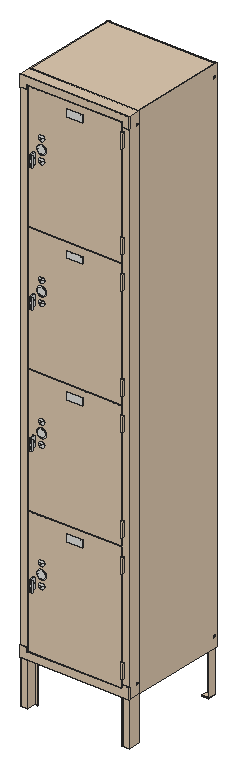
Revit family "Metal_Vented_Lockers-Salsbury_Industries-84000_Series-1_Wide_Units", category Specialty Equipment, Revit 2016 (continued)
Definition of nested family "Metal Locker Zee Base-Left Side"
  Types (4): name | Visible | Depth | Type Comments | Model | Description
    77572 Left - 12" D | yes | 10.362" | "Zee Base Kit for Standard Metal Lockers - No Legs" | "77572" | "4\" H x 6' L - for 12\" Deep Lockers (Includes 6 Foot Front Base, 2 End Bases, Corner Splicer and 4 Rear Legs)"
    77575 Left - 15" D | yes | 13.362" | "Zee Base Kit for Standard Metal Lockers - No Legs" | "77575" | "4\" H x 6' L - for 12\" Deep Lockers (Includes 6 Foot Front Base, 2 End Bases, Corner Splicer and 4 Rear Legs)"
    77578 Left- 18" D | yes | 16.362" | "Zee Base Kit for Standard Metal Lockers - No Legs" | "77578" | "4\" H x 6' L - for 12\" Deep Lockers (Includes 6 Foot Front Base, 2 End Bases, Corner Splicer and 4 Rear Legs)"
    None | no | 10.362" | "End Base for Standard Metal Lockers" | "" | ""
  Reference planes (in)
    plane 1 "Center (Front/Back)": y = 0
    plane 2: z = 0
    plane 3 "Center (Left/Right)": x = 3.99
    plane 4 "Floor": z = 0
    plane 5 "Top of Enclosure": z = 4
    plane 6 "Right Side of Unit": x = 5.99
    plane 7 "Left Edge of Enclosure": y = -5.181
    plane 8 "Right Edge of Enclosure": y = 5.181
    plane 9 "Bottom Edge of Enclosure": z = 0.06
    plane 10 "Left Edge of Base": x = 1.99
    plane 11 "Right Edge of Inser": x = 3.21
  Forms (in)
    Extrusion 1, solid, material <- "Primary Structure Material", visible <- "Visible"
      sketch origin (7.98, 0, 0) x (0, -1, 0) y (1, 0, 0)
        loop
          line (-5.181, -1.99) -> (-5.181, -5.99) -> (5.181, -5.99) -> (5.181, -1.99) -> (5.121, -1.99) -> (5.121, -5.93) -> (-5.121, -5.93) -> (-5.121, -1.99) -> (-5.181, -1.99)
      from 0.06 to 4
    Extrusion 2, solid, material <- "Primary Structure Material", visible <- "Visible"
      sketch origin (1.99, 0, 0) x (0, 0, -1) y (0, 1, 0)
        loop
          line (-4, -3.93967) -> (-3.94, -3.93967) -> (-3.94, 3.931) -> (-4, 3.931) -> (-4, -3.93967)
      from 0.06 to 1.22
  Dimensions and locks (in)
    "Height": plane 5 "Top of Enclosure" to plane 4 "Floor"
    equal spacing: plane 7 "Left Edge of Enclosure", plane 1 "Center (Front/Back)", plane 8 "Right Edge of Enclosure"
    "Depth": plane 7 "Left Edge of Enclosure" to plane 8 "Right Edge of Enclosure"
    "Width": plane 10 "Left Edge of Base" to plane 6 "Right Side of Unit"
    equal spacing: plane 10 "Left Edge of Base", plane 3 "Center (Left/Right)", plane 6 "Right Side of Unit"
    locked: plane 4 "Floor" to plane 9 "Bottom Edge of Enclosure" at 0.06
    aligned and locked: level to plane 2
    aligned and locked: plane 10 "Left Edge of Base" to Extrusion 1
  Automatic sketch dimensions
    plane 8 "Right Edge of Enclosure" to Extrusion 1 sketch curve = 0.000"
    Extrusion 1 sketch curve to plane 6 "Right Side of Unit" = 0.000"  (x2)
    plane 7 "Left Edge of Enclosure" to Extrusion 1 sketch curve = 0.000"
    Extrusion 1 sketch curve to plane 10 "Left Edge of Base" = 0.000"
    Extrusion 1 sketch curve to Extrusion 1 sketch curve = 0.060"
    plane 7 "Left Edge of Enclosure" to Extrusion 1 sketch curve = 0.060"
    plane 10 "Left Edge of Base" to Extrusion 1 sketch curve = 0.060"
    plane 5 "Top of Enclosure" to Extrusion 2 sketch curve = 0.000"
    Extrusion 2 sketch curve to Extrusion 2 sketch curve = 0.060"
    Extrusion 2 sketch curve to plane 7 "Left Edge of Enclosure" = 1.24133"
    plane 8 "Right Edge of Enclosure" to Extrusion 2 sketch curve = 1.250"
Definition of nested family "Metal Locker Zee Base Corner"
  Parameters (values of type "77572, 77575, 77578")
    Width = 2.000"
    Visible = yes
    Version = "1.0 (11/30/15)"
    Type Comments = "Zee Base Kit for Standard Metal Lockers - No Legs"
    Primary Structure Material = none
    Model = "n/a"
    Manufacturer = "Salsbury Industries"
    Height = 3.940"
    Description = "4\" H x 6' L - for 12\" Deep Lockers (Includes 6 Foot Front Base, 2 End Bases, Corner Splicer and 4 Rear Legs)"
    Depth = 2.000"
  Types (2): name | Visible
    77572, 77575, 77578 | yes
    None | no
  Reference planes (in)
    plane 1 "Center (Front/Back)": y = 0
    plane 2 "Bottom of Component": z = 0
    plane 3 "Center (Left/Right)": x = 0
    plane 4: z = 3.94
    plane 5: x = -1
    plane 6: x = 1
    plane 7 "Front": y = -1
    plane 8 "Back": y = 1
  Forms (in)
    Extrusion 1, solid, material <- "Primary Structure Material", visible <- "Visible"
      sketch origin (0, 0, 0) x (1, 0, 0) y (0, 1, 0)
        loop
          line (-1, 1) -> (-1, 0.94) -> (0.94, 0.94) -> (0.94, -1) -> (1, -1) -> (1, 1) -> (-1, 1)
      from 0 to 3.94
  Dimensions and locks (in)
    "Height": plane 4 to plane 2 "Bottom of Component"
    equal spacing: plane 5, plane 3 "Center (Left/Right)", plane 6
    "Width": plane 5 to plane 6
    equal spacing: plane 7 "Front", plane 1 "Center (Front/Back)", plane 8 "Back"
    "Depth": plane 7 "Front" to plane 8 "Back"
    aligned and locked: plane 2 "Bottom of Component" to level
  Automatic sketch dimensions
    Extrusion 1 sketch curve to plane 5 = 0.000"
    plane 7 "Front" to Extrusion 1 sketch curve = 0.000"
    Extrusion 1 sketch curve to plane 6 = 0.000"
    plane 8 "Back" to Extrusion 1 sketch curve = 0.000"
    plane 6 to Extrusion 1 sketch curve = 0.060"
    Extrusion 1 sketch curve to Extrusion 1 sketch curve = 0.060"
Definition of nested family "Metal Locker End Panel"
  Parameters (values of type "77362 - for 6' H x 12" D Lockers")
    Width = 0.925"
    Visible = yes
    Version = "1.0 (11/30/15)"
    Type Comments = "Finished End Panel for Standard Metal Lockers"
    Primary Structure Material = none
    Model = "77362"
    MasterFormat Title = ""
    MasterFormat Number = ""
    Manufacturer = "Salsbury Industries"
    Height = 72.000"
    Description = "End Panel for 6' H x 12\" Deep Lockers"
    Depth = 12.010"
    Assembly Code = ""
  Types (7): name | Visible | Model | Height | Description | Depth
    77362 - for 6' H x 12" D Lockers | yes | "77362" | 72.000" | "End Panel for 6' H x 12\" Deep Lockers" | 12.010"
    77365 - for 6' H x 15" D Lockers | yes | "77365" | 72.000" | "End Panel for 6' H x 15\" Deep Lockers" | 15.010"
    77368 - for 6' H X 18" D Lockers | yes | "77368" | 72.000" | "End Panel for 6' H x 18\" Deep Lockers" | 18.010"
    77352 - for 5' H x 12" D Lockers | yes | "77352" | 60.000" | "End Panel for 5' H x 12\" Deep Lockers" | 12.010"
    77355 - for 5' H x 15" D Lockers | yes | "77355" | 60.000" | "End Panel for 5' H x 15\" Deep Lockers" | 15.010"
    77358 - for 5' H x 18" D Lockers | yes | "77358" | 60.000" | "End Panel for 5' H x 18\" Deep Lockers" | 18.010"
    None | no | "n/a" | 72.000" | "" | 12.010"
  Reference planes (in)
    plane 1 "Center (Front/Back)": y = -2.167
    plane 2: z = 0
    plane 3 "Center (Left/Right)": x = -4.595
    plane 4 "Bottom of Panel": z = 0
    plane 5 "Top of Panel": z = 72
    plane 6 "Front of Panel": y = -8.172
    plane 7 "Right Side of Enclosure": x = -4.1325
    plane 8 "Left Side of Enclosure": x = -5.0575
    plane 9 "Back of Panel": y = 3.838
    plane 10: z = 36
    plane 11: z = 70.283
    plane 12: z = 1.717
    plane 13 "Outside Edge of Front Flap": y = -8.23214
    plane 14 "Outside Edge of Back Flap": y = 3.898
  Forms (in)
    Extrusion 1, solid, material <- "Primary Structure Material", visible <- "Visible"
      sketch origin (-4.1325, 0.48244, 0) x (0, 0, -1) y (0, -1, 0)
        loop
          line (-72, 8.71458) -> (-72, -3.41556) -> (0, -3.41556) -> (0, 8.71458) -> (-72, 8.71458)
      from 0 to -0.06
    Extrusion 2, solid, material <- "Primary Structure Material", visible <- "Visible"
      sketch origin (0, 3.838, 0) x (0, 0, -1) y (1, 0, 0)
        loop
          line (-72, -5.0575) -> (0, -5.0575) -> (0, -4.1325) -> (-72, -4.1325) -> (-72, -5.0575)
      from 0 to -0.06
    Extrusion 3, solid, material <- "Primary Structure Material", visible <- "Visible"
      sketch origin (0, -8.172, 0) x (1, 0, 0) y (0, 0, 1)
        loop
          line (-5.0575, 70.283) -> (-5.0575, 1.717) -> (-4.1325, 1.717) -> (-4.1325, 70.283) -> (-5.0575, 70.283)
      from 0.06014 to 0
  Dimensions and locks (in)
    equal spacing: plane 6 "Front of Panel", plane 1 "Center (Front/Back)", plane 9 "Back of Panel"
    "Depth": plane 6 "Front of Panel" to plane 9 "Back of Panel"
    equal spacing: plane 8 "Left Side of Enclosure", plane 3 "Center (Left/Right)", plane 7 "Right Side of Enclosure"
    "Width": plane 8 "Left Side of Enclosure" to plane 7 "Right Side of Enclosure"
    equal spacing: plane 5 "Top of Panel", plane 10, plane 2
    "Height": plane 5 "Top of Panel" to plane 2
    locked: plane 5 "Top of Panel" to plane 11 at 1.717
    locked: plane 13 "Outside Edge of Front Flap" to plane 6 "Front of Panel" at 0.06014
    locked: plane 9 "Back of Panel" to plane 14 "Outside Edge of Back Flap" at 0.06
    aligned and locked: level to plane 2
    aligned and locked: plane 5 "Top of Panel" to Extrusion 1 sketch curve
    aligned and locked: plane 5 "Top of Panel" to Extrusion 2 sketch curve
    aligned and locked: Extrusion 2 to plane 9 "Back of Panel"
    aligned and locked: plane 11 to Extrusion 3 sketch curve
    aligned and locked: plane 6 "Front of Panel" to Extrusion 3
    aligned and locked: plane 14 "Outside Edge of Back Flap" to Extrusion 2
    aligned and locked: Extrusion 1 to plane 14 "Outside Edge of Back Flap"
    aligned and locked: plane 13 "Outside Edge of Front Flap" to Extrusion 3
    aligned and locked: Extrusion 2 to plane 7 "Right Side of Enclosure"
    aligned and locked: Extrusion 3 to plane 7 "Right Side of Enclosure"
  Automatic sketch dimensions
    Extrusion 1 sketch curve to level = 0.000"
    Extrusion 2 sketch curve to level = 0.000"
    plane 8 "Left Side of Enclosure" to Extrusion 2 sketch curve = 0.000"
    plane 7 "Right Side of Enclosure" to Extrusion 2 sketch curve = 0.000"
    plane 8 "Left Side of Enclosure" to Extrusion 3 sketch curve = 0.000"
    Extrusion 3 sketch curve to plane 12 = 0.000"
    plane 7 "Right Side of Enclosure" to Extrusion 3 sketch curve = 0.000"
    Extrusion 1 sketch curve to plane 14 "Outside Edge of Back Flap" = 0.000"
    plane 6 "Front of Panel" to Extrusion 1 sketch curve = 0.06014"
Definition of nested family "Metal Locker Front Filler"
  Parameters (values of type "77869 - for 6' H Lockers (Zee Base or No Legs)")
    Width = 9.000"
    Visible = yes
    Version = "1.0 (11/30/15)"
    Type Comments = "Vertical Front Filler for Standard Metal Lockers"
    Primary Structure Material = none
    Model = "77865"
    MasterFormat Title = ""
    MasterFormat Number = ""
    Manufacturer = "Salsbury Industries"
    Height = 72.000"
    Description = "9\" W Vertical Front Filler for 6' H Lockers"
    Depth = 1.500"
    Assembly Code = ""
  Types (9): name | Width | Visible | Model | Height | Description | Depth
    77865 - for 6' H Lockers with Legs | 15.000" | yes | "77865" | 78.000" | "15\" W Vertical Front Filler for 6' H Lockers" | 1.000"
    77869 - for 6' H Lockers with Legs | 9.000" | yes | "77865" | 78.000" | "9\" W Vertical Front Filler for 6' H Lockers" | 1.000"
    77855 - for 5' H Lockers with Legs | 15.000" | yes | "77855" | 66.000" | "15\" W Vertical Front Filler for 5' H Lockers" | 1.000"
    77859 - for 5' H Lockers with Legs | 9.000" | yes | "77859" | 66.000" | "9\" W Vertical Front Filler for 5' H Lockers" | 1.000"
    None | 15.000" | no | "n/a" | 78.000" | "" | 1.500"
    77865 - for 6' H Lockers (Zee Base or No Legs) | 15.000" | yes | "77865" | 72.000" | "15\" W Vertical Front Filler for 6' H Lockers" | 1.000"
    77869 - for 6' H Lockers (Zee Base or No Legs) | 9.000" | yes | "77865" | 72.000" | "9\" W Vertical Front Filler for 6' H Lockers" | 1.500"
    77859 - for 5' H Lockers (Zee Base or No Legs) | 9.000" | yes | "77859" | 60.000" | "9\" W Vertical Front Filler for 5' H Lockers" | 1.000"
    77855 - for 5' H Lockers (Zee Base or No Legs) | 15.000" | yes | "77855" | 60.000" | "15\" W Vertical Front Filler for 5' H Lockers" | 1.000"
  Reference planes (in)
    plane 1 "Center (Front/Back)": y = -2.167
    plane 2: z = 0
    plane 3 "Center (Left/Right)": x = -4.595
    plane 4 "Bottom of Filler": z = 0
    plane 5 "Top of Panel": z = 72
    plane 6 "Front of Filler": y = -2.917
    plane 7 "Right Side of Filler": x = -0.095
    plane 8 "Left Side of Filler": x = -9.095
    plane 9 "Back of Filler": y = -1.417
    plane 10: z = 36
  Forms (in)
    Extrusion 1, solid, material <- "Primary Structure Material", visible <- "Visible"
      sketch origin (0, 0, 0) x (0, -1, 0) y (1, 0, 0)
        loop
          line (1.417, -9.095) -> (2.917, -9.095) -> (2.917, -1.095) -> (2.869, -1.095) -> (2.869, -9.047) -> (1.417, -9.047) -> (1.417, -9.095)
      from 0 to 72
    Extrusion 2, solid, material <- "Primary Structure Material", visible <- "Visible"
      sketch origin (0, -0.20425, 0) x (0, -1, 0) y (1, 0, 0)
        loop
          line (1.30875, -0.095) -> (1.30875, -0.143) -> (2.76075, -0.143) -> (2.76075, -1.595) -> (2.80875, -1.595) -> (2.80875, -0.095) -> (1.30875, -0.095)
      from 0 to 72
    Extrusion 3, solid, material <- "Primary Structure Material", visible <- "Visible"
      sketch origin (0, 0.10825, 0) x (0, -1, 0) y (1, 0, 0)
        loop
          line (3.07325, -1.595) -> (3.07325, -0.82524) -> (3.02525, -0.82524) -> (3.02525, -1.376) -> (3.02525, -1.449) -> (3.02525, -1.522) -> (3.02525, -1.595) -> (3.07325, -1.595)
      from 0 to 72
    Extrusion 4, solid, material <- "Primary Structure Material", visible <- "Visible"
      sketch origin (0, 0, 0) x (0, -1, 0) y (1, 0, 0)
        loop
          line (2.917, -0.82524) -> (2.821, -0.82524) -> (2.821, -1.80024) -> (2.869, -1.80024) -> (2.869, -0.87324) -> (2.917, -0.87324) -> (2.917, -0.82524)
      from 0 to 72
  Dimensions and locks (in)
    equal spacing: plane 6 "Front of Filler", plane 1 "Center (Front/Back)", plane 9 "Back of Filler"
    "Depth": plane 6 "Front of Filler" to plane 9 "Back of Filler"
    equal spacing: plane 8 "Left Side of Filler", plane 3 "Center (Left/Right)", plane 7 "Right Side of Filler"
    "Width": plane 8 "Left Side of Filler" to plane 7 "Right Side of Filler"
    equal spacing: plane 5 "Top of Panel", plane 10, plane 2
    "Height": plane 5 "Top of Panel" to plane 2
    aligned and locked: level to plane 2
    aligned and locked: Extrusion 1 to plane 5 "Top of Panel"
    aligned and locked: Extrusion 2 to plane 5 "Top of Panel"
    aligned and locked: Extrusion 3 to plane 5 "Top of Panel"
    aligned and locked: Extrusion 4 to plane 5 "Top of Panel"
  Automatic sketch dimensions
    plane 9 "Back of Filler" to Extrusion 1 sketch curve = 0.000"
    plane 6 "Front of Filler" to Extrusion 1 sketch curve = 0.000"
    Extrusion 1 sketch curve to plane 8 "Left Side of Filler" = 0.000"
    Extrusion 1 sketch curve to plane 6 "Front of Filler" = 0.048"
    Extrusion 1 sketch curve to Extrusion 1 sketch curve = 0.048"
    plane 7 "Right Side of Filler" to Extrusion 1 sketch curve = 1.000"
    Extrusion 2 sketch curve to plane 7 "Right Side of Filler" = 0.000"
    plane 7 "Right Side of Filler" to Extrusion 2 sketch curve = 0.048"
    plane 9 "Back of Filler" to Extrusion 2 sketch curve = 0.096"
    plane 6 "Front of Filler" to Extrusion 2 sketch curve = 0.048"
    Extrusion 2 sketch curve to Extrusion 2 sketch curve = 0.048"
    Extrusion 2 sketch curve to Extrusion 2 sketch curve = 1.452"
    plane 6 "Front of Filler" to Extrusion 3 sketch curve = 0.000"
    plane 7 "Right Side of Filler" to Extrusion 3 sketch curve = 1.500"
    Extrusion 3 sketch curve to Extrusion 3 sketch curve = 0.073"  (x3)
    Extrusion 3 sketch curve to Extrusion 3 sketch curve = 0.55076"
    Extrusion 3 sketch curve to Extrusion 3 sketch curve = 0.048"
    plane 6 "Front of Filler" to Extrusion 4 sketch curve = 0.000"
    Extrusion 4 sketch curve to plane 6 "Front of Filler" = 0.048"
    Extrusion 4 sketch curve to Extrusion 4 sketch curve = 0.048"  (x2)
    plane 7 "Right Side of Filler" to Extrusion 4 sketch curve = 1.70524"
    plane 7 "Right Side of Filler" to Extrusion 4 sketch curve = 0.77824"
Definition of nested family "Metal Locker Flat Top Filler"
  Parameters (values of type "77842 - for 12" Deep Lockers (15" W)")
    Width = 16.250"
    Visible = yes
    Version = "1.0 (11/30/15)"
    Type Comments = "Flat Top Filler for Standard Metal Lockers"
    Primary Structure Material = none
    Model = "77842"
    MasterFormat Title = ""
    MasterFormat Number = ""
    Manufacturer = "Salsbury Industries"
    Height = 1.003"
    Description = "15\"W Flat Top In-Line Filler"
    Depth = 12.118"
    Assembly Code = ""
  Types (7): name | Width | Visible | Model | Depth
    77842 - for 12" Deep Lockers (15" W) | 16.250" | yes | "77842" | 12.118"
    77842 - for 12" Deep Lockers (9" W) | 10.250" | yes | "77842" | 12.118"
    77845 - for 15" Deep Lockers (15" W) | 16.250" | yes | "77845" | 15.118"
    77845 - for 15" Deep Lockers (9" W) | 10.250" | yes | "77845" | 15.118"
    77848 - for 18" Deep Lockers (15" W) | 16.250" | yes | "77848" | 18.118"
    77848 - for 18" Deep Lockers (9" W) | 10.250" | yes | "77848" | 18.118"
    None | 16.250" | no | "" | 12.118"
  Reference planes (in)
    plane 1 "Center (Front/Back)": y = -2.167
    plane 2: z = 0
    plane 3 "Center (Left/Right)": x = -4.595
    plane 4 "Bottom of Panel": z = 0
    plane 5 "Top of Panel": z = 1.003
    plane 6 "Front of Panel": y = -8.226
    plane 7 "Right Side of Enclosure": x = 3.53
    plane 8 "Left Side of Enclosure": x = -12.72
    plane 9 "Back of Panel": y = 3.892
    plane 10: z = 0.5015
  Forms (in)
    Extrusion 1, solid, material <- "Primary Structure Material", visible <- "Visible"
      sketch origin (-4.595, 0, 0) x (0, 1, 0) y (0, 0, 1)
        loop
          line (-8.226, 0) -> (-8.178, 0) -> (-8.178, 0.955) -> (3.892, 0.955) -> (3.892, 1.003) -> (-8.226, 1.003) -> (-8.226, 0)
      from -8.125 to 8.125
  Dimensions and locks (in)
    equal spacing: plane 6 "Front of Panel", plane 1 "Center (Front/Back)", plane 9 "Back of Panel"
    "Depth": plane 6 "Front of Panel" to plane 9 "Back of Panel"
    equal spacing: plane 8 "Left Side of Enclosure", plane 3 "Center (Left/Right)", plane 7 "Right Side of Enclosure"
    "Width": plane 8 "Left Side of Enclosure" to plane 7 "Right Side of Enclosure"
    equal spacing: plane 5 "Top of Panel", plane 10, plane 2
    "Height": plane 5 "Top of Panel" to plane 2
    aligned and locked: level to plane 2
    aligned and locked: Extrusion 1 to plane 7 "Right Side of Enclosure"
    aligned and locked: plane 8 "Left Side of Enclosure" to Extrusion 1
    aligned and locked: plane 6 "Front of Panel" to Extrusion 1
    aligned and locked: Extrusion 1 to plane 9 "Back of Panel"
  Automatic sketch dimensions
    plane 5 "Top of Panel" to Extrusion 1 sketch curve = 0.000"
    Extrusion 1 sketch curve to plane 6 "Front of Panel" = 0.000"
    Extrusion 1 sketch curve to level = 0.000"
    Extrusion 1 sketch curve to plane 9 "Back of Panel" = 0.000"
    Extrusion 1 sketch curve to plane 6 "Front of Panel" = 0.048"
    plane 5 "Top of Panel" to Extrusion 1 sketch curve = 0.048"
Definition of nested family "Metal Locker Flat Corner Filler"
  Parameters (values of type "77832 - for 12" Deep Lockers")
    Width = 12.625"
    Visible = yes
    Version = "1.0 (11/30/15)"
    Type Comments = "Flat Top Corner Filler for Standard Metal Lockers"
    Primary Structure Material = none
    Model = "77832"
    MasterFormat Title = ""
    MasterFormat Number = ""
    Manufacturer = "Salsbury Industries"
    Height = 0.048"
    Description = "12\"W Flat Top Corner Filler"
    Depth = 12.625"
    Assembly Code = ""
  Types (4): name | Width | Visible | Model | Description | Depth
    77832 - for 12" Deep Lockers | 12.625" | yes | "77832" | "12\"W Flat Top Corner Filler" | 12.625"
    77835 - for 15" Deep Lockers | 15.625" | yes | "77835" | "15\"W Flat Top Corner Filler" | 15.625"
    77838 - for 18" Deep Lockers | 18.625" | yes | "77838" | "18\"W Flat Top Corner Filler" | 18.625"
    None | 12.625" | no | "" | "" | 12.625"
  Reference planes (in)
    plane 1 "Center (Front/Back)": y = -2.167
    plane 2: z = 0
    plane 3 "Center (Left/Right)": x = -4.595
    plane 4 "Bottom of Panel": z = 0
    plane 5 "Top of Panel": z = 0.048
    plane 6 "Front of Panel": y = -8.4795
    plane 7 "Right Side of Enclosure": x = 1.7175
    plane 8 "Left Side of Enclosure": x = -10.9075
    plane 9 "Back of Panel": y = 4.1455
    plane 10: z = 0.024
  Forms (in)
    Extrusion 1, solid, material <- "Primary Structure Material", visible <- "Visible"
      sketch origin (0, 0, 0) x (0, -1, 0) y (1, 0, 0)
        loop
          line (7.8545, -10.9075) -> (7.8545, -10.2825) -> (8.4795, -10.2825) -> (8.4795, 1.7175) -> (-4.1455, 1.7175) -> (-4.1455, -10.9075) -> (7.8545, -10.9075)
      from 0 to 0.048
  Dimensions and locks (in)
    equal spacing: plane 6 "Front of Panel", plane 1 "Center (Front/Back)", plane 9 "Back of Panel"
    "Depth": plane 6 "Front of Panel" to plane 9 "Back of Panel"
    equal spacing: plane 8 "Left Side of Enclosure", plane 3 "Center (Left/Right)", plane 7 "Right Side of Enclosure"
    "Width": plane 8 "Left Side of Enclosure" to plane 7 "Right Side of Enclosure"
    equal spacing: plane 5 "Top of Panel", plane 10, plane 2
    "Height": plane 5 "Top of Panel" to plane 2
    aligned and locked: level to plane 2
    aligned and locked: Extrusion 1 to plane 9 "Back of Panel"
    aligned and locked: plane 6 "Front of Panel" to Extrusion 1
    aligned and locked: Extrusion 1 to plane 7 "Right Side of Enclosure"
    aligned and locked: plane 8 "Left Side of Enclosure" to Extrusion 1
  Automatic sketch dimensions
    Extrusion 1 sketch curve to plane 8 "Left Side of Enclosure" = 0.000"
    plane 9 "Back of Panel" to Extrusion 1 sketch curve = 0.000"
    plane 6 "Front of Panel" to Extrusion 1 sketch curve = 0.000"
    Extrusion 1 sketch curve to plane 7 "Right Side of Enclosure" = 0.000"
    Extrusion 1 sketch curve to plane 8 "Left Side of Enclosure" = 0.625"
    Extrusion 1 sketch curve to plane 6 "Front of Panel" = 0.625"
Definition of nested family "Metal Locker Sloping Hood"
  Parameters (values of type "77765 - for 15" Deep Lockers (1 Wide)")
    Width = 15.040"
    Visible = yes
    Version = "1.0 (11/30/15)"
    Type Comments = "Sloping Hood for Standard Metal Lockers"
    Slope Angle = 29.946°
    Primary Structure Material = none
    Model = "77752"
    MasterFormat Title = ""
    MasterFormat Number = ""
    Manufacturer = "Salsbury Industries"
    Height = 6.625"
    Dividing Lines = no
    Description = "12\" Deep for up to (3) 12\" Wide Lockers"
    Depth = 15.070"
    Assembly Code = ""
  Types (12): name | Width | Visible | Slope Angle | Model | Height | Dividing Lines | Description | Depth
    77752 - for 12" Deep Lockers (1 Wide) | 12.040" | yes | 28.761° | "77752" | 6.625" | no | "12\" Deep for up to (3) 12\" Wide Lockers" | 12.070"
    77752 - for 12" Deep Lockers (3 Wide) | 36.040" | yes | 28.761° | "77752" | 6.625" | yes | "12\" Deep for up to (3) 12\" Wide Lockers" | 12.070"
    77755 - for 15" Deep Lockers (1 Wide) | 12.040" | yes | 29.946° | "77755" | 8.682" | no | "15\" Deep for up to (3) 12\" Wide Lockers" | 15.070"
    77755 - for 15" Deep Lockers (3 Wide) | 36.040" | yes | 29.946° | "77755" | 8.628" | yes | "15\" Deep for up to (3) 12\" Wide Lockers" | 15.070"
    77758 - for 18" Deep Lockers (1 Wide) | 12.040" | yes | 30.723° | "77758" | 10.739" | no | "18\" Deep for up to (3) 12\" Wide Lockers" | 18.070"
    77758 - for 18" Deep Lockers (3 Wide) | 36.040" | yes | 30.723° | "77758" | 10.739" | yes | "18\" Deep for up to (3) 12\" Wide Lockers" | 18.070"
    None | 12.000" | no | 28.761° | "" | 6.625" | no | "" | 12.070"
    77765 - for 15" Deep Lockers (1 Wide) | 15.040" | yes | 29.946° | "77752" | 6.625" | no | "12\" Deep for up to (3) 12\" Wide Lockers" | 15.070"
    77768 - for 18" Deep Lockers (1 Wide) | 15.040" | yes | 30.723° | "77752" | 6.625" | no | "12\" Deep for up to (3) 12\" Wide Lockers" | 18.070"
    77765 - for 15" Deep Lockers (3 Wide) | 45.040" | yes | 29.946° | "77752" | 6.625" | yes | "12\" Deep for up to (3) 12\" Wide Lockers" | 15.070"
    77768 - for 18" Deep Lockers (3 Wide) | 45.040" | yes | 30.723° | "77752" | 6.625" | yes | "12\" Deep for up to (3) 12\" Wide Lockers" | 18.070"
    77759 - for 18" Deep Bridge Lockers | 72.040" | yes | 30.723° | "77752" | 6.625" | no | "12\" Deep for up to (3) 12\" Wide Lockers" | 18.070"
  Reference planes (in)
    plane 1 "Center (Front/Back)": y = -2.167
    plane 2: z = 0
    plane 3 "Center (Left/Right)": x = -4.595
    plane 4 "Bottom of Panel": z = 0
    plane 5 "Top of Panel": z = 6.625
    plane 6 "Front of Panel": y = -9.702
    plane 7 "Right Side of Enclosure": x = 2.925
    plane 8 "Left Side of Enclosure": x = -12.115
    plane 9 "Back of Panel": y = 5.368
    plane 10: z = 3.3125
    plane 11: through (0, -8.18107, 0.8762) normal (0, -0.4992, 0.8665)
    plane 12: through (0, -8.30682, 0.76798) normal (0, -0.4992, 0.8665)
    plane 13: y = 5.337
    plane 14: y = 5.306
    plane 15: y = 5.275
    plane 16: y = 4.87433
    plane 17 "Divider 1": x = -7.10167
    plane 18 "Divider 2": x = -2.08833
  Forms (in)
    Extrusion 1, solid, material <- "Primary Structure Material", visible <- "Visible"
      sketch origin (2.925, 0, 0) x (0, 0, -1) y (0, -1, 0)
        loop
          line (-8.68174, -5.368) -> (0, -5.368) -> (0, 9.702) -> (-8.68174, -5.368)
      from 0 to 0.031
    Extrusion 2, solid, material <- "Primary Structure Material", visible <- "Visible"
      sketch origin (2.925, 0, 0) x (0, 0, -1) y (0, -1, 0)
        loop
          line (0, -5.368) -> (0, -5.337) -> (-8.66388, -5.337) -> (-8.68174, -5.368) -> (0, -5.368)
      from 0.03098 to 0.40598
    Extrusion 3, solid, material <- "Primary Structure Material", visible <- "Visible"
      sketch origin (2.925, 0, 0) x (0, 0, -1) y (0, -1, 0)
        loop
          line (0, -5.337) -> (0, 9.6399) -> (-0.031, 9.58609) -> (-0.031, -5.337) -> (0, -5.337)
      from 0.031 to 0.80198
    Extrusion 4, solid, material <- "Primary Structure Material", visible <- "Visible"
      sketch origin (-12.115, 0, 0) x (0, 0, -1) y (0, -1, 0)
        loop
          line (-8.68174, -5.368) -> (0, -5.368) -> (0, 9.702) -> (-8.68174, -5.368)
      from 0 to -0.031
    Extrusion 5, solid, material <- "Primary Structure Material", visible <- "Visible"
      sketch origin (-12.115, 0, 0) x (0, 0, -1) y (0, -1, 0)
        loop
          line (0, -5.368) -> (0, -5.337) -> (-8.66388, -5.337) -> (-8.68174, -5.368) -> (0, -5.368)
      from -0.031 to -0.406
    Extrusion 6, solid, material <- "Primary Structure Material", visible <- "Visible"
      sketch origin (-12.115, 0, 0) x (0, 0, -1) y (0, -1, 0)
        loop
          line (0, -5.337) -> (0, 9.6399) -> (-0.031, 9.58609) -> (-0.031, -5.337) -> (0, -5.337)
      from -0.031 to -0.802
    Extrusion 7, solid, material <- "Primary Structure Material", visible <- "Visible"
      sketch origin (-4.595, 0, 0) x (0, 1, 0) y (0, 0, 1)
        loop
          line (5.337, 8.66388) -> (-9.702, 0) -> (-9.34738, 0) -> (-9.34738, 0.031) -> (-9.58609, 0.031) -> (5.306, 8.61025) -> (5.306, 8.27289) -> (5.337, 8.27289) -> (5.337, 8.66388)
      from -7.489 to 7.489
    Extrusion 8, solid, material <- "Primary Structure Material", visible <- "Visible"
      sketch origin (-4.595, -0.031, 0) x (0, 1, 0) y (0, 0, 1)
        loop
          line (5.337, 0.031) -> (5.337, 8.61025) -> (5.306, 8.59239) -> (5.306, 0.031) -> (5.337, 0.031)
      from -7.489 to 7.489
    Extrusion 9, solid, material <- "Primary Structure Material", visible <- "Visible"
      sketch origin (0, -0.031, 0) x (0, -1, 0) y (1, 0, 0)
        loop
          line (-5.306, -11.25653) -> (-4.90533, -11.25653) -> (-4.90533, 2.06919) -> (-5.306, 2.06919) -> (-5.306, -11.25653)
      from 0.031 to 0.06464
  Lines and regions (in)
    model lines, visible <- "Dividing Lines"
      curve 1: line (-7.10167, -9.71397, -0.0069) -> (-7.10167, 5.368, 8.68174)
      curve 2: line (-2.08833, -9.71397, -0.0069) -> (-2.08833, 5.368, 8.68174)
  Dimensions and locks (in)
    equal spacing: plane 6 "Front of Panel", plane 1 "Center (Front/Back)", plane 9 "Back of Panel"
    "Depth": plane 6 "Front of Panel" to plane 9 "Back of Panel"
    equal spacing: plane 8 "Left Side of Enclosure", plane 17 "Divider 1", plane 18 "Divider 2", plane 7 "Right Side of Enclosure"
    "Width": plane 8 "Left Side of Enclosure" to plane 7 "Right Side of Enclosure"
    equal spacing: plane 5 "Top of Panel", plane 10, plane 2
    "Height": plane 5 "Top of Panel" to plane 2
    locked: plane 11 to plane 12 at 0.031
    plane 16 to plane 15 to plane 14 to plane 13 to plane 9 "Back of Panel" = 0.40067", 0.031", 0.031", 0.031"
    equal spacing: plane 8 "Left Side of Enclosure", plane 3 "Center (Left/Right)", plane 7 "Right Side of Enclosure"
    "Slope Angle": angle plane 4 "Bottom of Panel" to plane 11
    aligned and locked: level to plane 2
    aligned and locked: Extrusion 1 to plane 9 "Back of Panel"
    aligned and locked: plane 4 "Bottom of Panel" to Extrusion 1
    aligned and locked: Extrusion 7 to Extrusion 1
    aligned and locked: Extrusion 7 to Extrusion 4
    aligned and locked: Extrusion 7 to Extrusion 8  (x2)
    aligned and locked: plane 11 to Extrusion 7 sketch curve
    aligned and locked: plane 12 to Extrusion 7 sketch curve
    aligned and locked: plane 12 to Extrusion 8 sketch curve
    aligned and locked: Extrusion 4 sketch curve to plane 11
    aligned and locked: Extrusion 1 sketch curve to plane 11
    aligned and locked: Extrusion 3 sketch curve to plane 12
    aligned and locked: Extrusion 6 sketch curve to plane 12
    aligned and locked: plane 13 to Extrusion 7
    aligned and locked: plane 14 to Extrusion 8
    aligned and locked: plane 15 to Extrusion 8
    aligned and locked: plane 16 to Extrusion 9
    aligned and locked: plane 13 to Extrusion 7 sketch curve
    aligned and locked: Extrusion 7 sketch curve to plane 14
    aligned and locked: plane 13 to Extrusion 2 sketch curve
    aligned and locked: plane 11 to Extrusion 2 sketch curve
    aligned and locked: plane 13 to Extrusion 5 sketch curve
    aligned and locked: plane 11 to Extrusion 5 sketch curve
    aligned and locked: curve 2 to plane 18 "Divider 2"
    aligned and locked: curve 1 to plane 17 "Divider 1"
  Automatic sketch dimensions
    Extrusion 7 sketch curve to level = 0.000"
    level to Extrusion 7 sketch curve = 0.031"
    Extrusion 7 sketch curve to Extrusion 7 sketch curve = 0.23871"
    Extrusion 7 sketch curve to Extrusion 7 sketch curve = 0.33736"
    Extrusion 1 sketch curve to plane 9 "Back of Panel" = 0.000"
    Extrusion 1 sketch curve to level = 0.000"
    Extrusion 2 sketch curve to plane 9 "Back of Panel" = 0.000"
    Extrusion 2 sketch curve to level = 0.000"
    Extrusion 3 sketch curve to plane 13 = 0.000"
    Extrusion 3 sketch curve to level = 0.000"
    level to Extrusion 3 sketch curve = 0.031"
    Extrusion 4 sketch curve to plane 9 "Back of Panel" = 0.000"
    Extrusion 4 sketch curve to level = 0.000"
    Extrusion 5 sketch curve to plane 9 "Back of Panel" = 0.000"
    Extrusion 5 sketch curve to level = 0.000"
    Extrusion 6 sketch curve to plane 13 = 0.000"
    Extrusion 6 sketch curve to level = 0.000"
    Extrusion 6 sketch curve to Extrusion 6 sketch curve = 0.031"
    Extrusion 8 sketch curve to plane 15 = 0.000"
    Extrusion 8 sketch curve to plane 14 = 0.000"
    level to Extrusion 8 sketch curve = 0.031"
    plane 15 to Extrusion 9 sketch curve = 0.000"
    plane 16 to Extrusion 9 sketch curve = 0.000"
    Extrusion 9 sketch curve to plane 8 "Left Side of Enclosure" = 0.85847"
    plane 7 "Right Side of Enclosure" to Extrusion 9 sketch curve = 0.85581"
    curve 1 to plane 9 "Back of Panel" = 0.000"
    plane 11 to curve 1 = 0.000"
    curve 1 to plane 11 = 0.000"
    curve 1 to level = 0.0069"
    curve 2 to plane 9 "Back of Panel" = 0.000"
    plane 11 to curve 2 = 0.000"
    curve 2 to plane 11 = 0.000"
    curve 2 to level = 0.0069"
Definition of nested family "Metal Locker Sloping Top Filler"
  Parameters (values of type "77882 - for 12" Deep Lockers (15" W)")
    Width = 16.250"
    Visible = yes
    Version = "1.0 (11/30/15)"
    Type Comments = "Sloping Hood In-Line Filler for Standard Metal Lockers"
    Slope Angle = 28.761°
    Primary Structure Material = none
    Model = "77882"
    MasterFormat Title = ""
    MasterFormat Number = ""
    Manufacturer = "Salsbury Industries"
    Height = 1.003"
    Description = "15\"W Sloping Hood In-Line Filler"
    Depth = 12.118"
    Assembly Code = ""
  Types (7): name | Width | Visible | Type Comments | Slope Angle | Model | Description | Depth
    77882 - for 12" Deep Lockers (15" W) | 16.250" | yes | "Sloping Hood In-Line Filler for Standard Metal Lockers" | 28.761° | "77882" | "15\"W Sloping Hood In-Line Filler" | 12.118"
    77882 - for 12" Deep Lockers (9" W) | 10.250" | yes | "Sloping Hood In-Line Filler for Standard Metal Lockers" | 28.761° | "77882" | "15\"W Sloping Hood In-Line Filler" | 12.118"
    77885 - for 15" Deep Lockers (15" W) | 16.250" | yes | "Sloping Hood In-Line Filler for Standard Metal Lockers" | 29.946° | "77885" | "15\"W Sloping Hood In-Line Filler" | 15.118"
    77885 - for 15" Deep Lockers (9" W) | 10.250" | yes | "Sloping Hood In-Line Filler for Standard Metal Lockers" | 29.946° | "77885" | "15\"W Sloping Hood In-Line Filler" | 15.118"
    77888 - for 18" Deep Lockers (15" W) | 16.250" | yes | "Sloping Hood In-Line Filler for Standard Metal Lockers" | 30.723° | "77888" | "15\"W Sloping Hood In-Line Filler" | 18.118"
    77888 - for 18" Deep Lockers (9" W) | 10.250" | yes | "Sloping Hood In-Line Filler for Standard Metal Lockers" | 30.723° | "77888" | "15\"W Sloping Hood In-Line Filler" | 18.118"
    None | 16.250" | no | "Sloping Hood for Standard Metal Lockers" | 28.761° | "" | "" | 12.118"
  Reference planes (in)
    plane 1 "Center (Front/Back)": y = -2.167
    plane 2: z = 0
    plane 3 "Center (Left/Right)": x = -4.595
    plane 4 "Bottom of Panel": z = 0
    plane 5 "Top of Panel": z = 1.003
    plane 6 "Front of Panel": y = -8.226
    plane 7 "Right Side of Enclosure": x = 3.53
    plane 8 "Left Side of Enclosure": x = -12.72
    plane 9 "Back of Panel": y = 3.892
    plane 10: z = 0.5015
    plane 11: through (0, -7.6072, 0.33964) normal (0, -0.4812, 0.8766)
    plane 12: through (0, -7.72698, 0.21914) normal (0, -0.4812, 0.8766)
  Forms (in)
    Extrusion 1, solid, material <- "Primary Structure Material", visible <- "Visible"
      sketch origin (-4.595, 0, 0) x (0, 1, 0) y (0, 0, 1)
        loop
          line (3.892, 6.65119) -> (-8.226, 0) -> (-8.226, -1.028) -> (-8.178, -1.028) -> (-8.178, -0.02841) -> (3.892, 6.59643) -> (3.892, 6.65119)
      from -8.125 to 8.125
  Dimensions and locks (in)
    equal spacing: plane 6 "Front of Panel", plane 1 "Center (Front/Back)", plane 9 "Back of Panel"
    "Depth": plane 6 "Front of Panel" to plane 9 "Back of Panel"
    equal spacing: plane 8 "Left Side of Enclosure", plane 3 "Center (Left/Right)", plane 7 "Right Side of Enclosure"
    "Width": plane 8 "Left Side of Enclosure" to plane 7 "Right Side of Enclosure"
    equal spacing: plane 5 "Top of Panel", plane 10, plane 2
    "Height": plane 5 "Top of Panel" to plane 2
    locked: plane 11 to plane 12 at 0.048
    "Slope Angle": angle plane 4 "Bottom of Panel" to plane 11
    aligned and locked: level to plane 2
    aligned and locked: plane 11 to Extrusion 1 sketch curve
    aligned and locked: plane 12 to Extrusion 1 sketch curve
    aligned and locked: Extrusion 1 to plane 7 "Right Side of Enclosure"
    aligned and locked: plane 8 "Left Side of Enclosure" to Extrusion 1
  Automatic sketch dimensions
    Extrusion 1 sketch curve to plane 6 "Front of Panel" = 0.000"
    Extrusion 1 sketch curve to Extrusion 1 sketch curve = 0.99959"
    Extrusion 1 sketch curve to level = 0.02841"
    Extrusion 1 sketch curve to plane 9 "Back of Panel" = 0.000"
Definition of nested family "Metal Locker Sloping Corner Filler"
  Parameters (values of type "77872 - for 12" Deep Lockers")
    Width = 12.695"
    Visible = yes
    Version = "1.0 (11/30/15)"
    Type Comments = "Sloping Hood Corner Filler for Standard Metal Lockers"
    Slope Angle 2 = 28.761°
    Slope Angle 1 = 28.761°
    Primary Structure Material = none
    Model = "77872"
    MasterFormat Title = ""
    MasterFormat Number = ""
    Manufacturer = "Salsbury Industries"
    Height = 6.87897"
    Description = "12\"D Sloping Hood Corner Filler"
    Depth = 12.695"
    Assembly Code = ""
  Types (4): name | Width | Visible | Slope Angle 2 | Slope Angle 1 | Model | Description | Depth
    77872 - for 12" Deep Lockers | 12.695" | yes | 28.761° | 28.761° | "77872" | "12\"D Sloping Hood Corner Filler" | 12.695"
    77875 - for 15" Deep Lockers | 15.695" | yes | 29.946° | 29.946° | "77875" | "15\"D Sloping Hood Corner Filler" | 15.695"
    77878 - for 18" Deep Lockers | 18.695" | yes | 30.723° | 30.723° | "77878" | "18\"D Sloping Hood Corner Filler" | 18.695"
    None | 12.695" | no | 28.723° | 28.723° | "" | "" | 12.695"
  Reference planes (in)
    plane 1 "Center (Front/Back)": y = -2.167
    plane 2: z = 0
    plane 3 "Center (Left/Right)": x = -4.595
    plane 4 "Bottom of Panel": z = 0
    plane 5 "Top of Panel": z = 6.87897
    plane 6 "Front of Panel": y = -8.5145
    plane 7 "Right Side of Enclosure": x = 1.7525
    plane 8 "Left Side of Enclosure": x = -10.9425
    plane 9 "Back of Panel": y = 4.1805
    plane 10 "Center Top/Bottom": z = 3.43948
    plane 11 "Slope 1": through (0, -7.42276, 0.59922) normal (0, -0.4812, 0.8766)
    plane 12: through (0, -7.54254, 0.47872) normal (0, -0.4812, 0.8766)
    plane 13 "Diagonal Plane": through (-10.86131, 4.09969, 48) normal (0.7071, 0.7071, 0)
    plane 14 "Cutout Plane 1": y = -7.8895
    plane 15 "Cutout Plane 2": x = 1.1275
    plane 16 "Slope 2": through (1.43902, -180, 0.17206) normal (-0.4812, 0, -0.8766)
    plane 17: through (5.04554, -180, -1.86199) normal (-0.4812, 0, -0.8766)
  Forms (in)
    Extrusion 1, solid, material <- "Primary Structure Material", visible <- "Visible"
      sketch origin (-4.595, 0, 0) x (0, 1, 0) y (0, 0, 1)
        loop
          line (-7.8895, 0.28829) -> (4.1805, 6.91313) -> (4.1805, 6.96789) -> (-7.8895, 0.34304) -> (-7.8895, 0.28829)
      from -6.3475 to 6.3475
    Extrusion 2, void
      sketch origin (0, 0, 3.43948) x (1, 0, 0) y (0, 1, 0)
        loop
          line (1.75288, -8.5145) -> (-10.9425, 4.18088) -> (-10.9425, -8.5145) -> (1.75288, -8.5145)
      from -3.43948 to 8.2673
    Extrusion 3, solid, material <- "Primary Structure Material", visible <- "Visible"
      sketch origin (0, -2.167, 0) x (1, 0, 0) y (0, 0, 1)
        loop
          line (1.1275, 0.2885) -> (1.1275, 0.34304) -> (-10.9425, 6.96789) -> (-10.9425, 6.91334) -> (1.1275, 0.2885)
      from -6.3475 to 6.3475
    Extrusion 4, void
      sketch origin (-4.595, 0, 0) x (0, 1, 0) y (0, 0, 1)
        loop
          line (4.1805, 0) -> (4.1805, 6.91313) -> (-8.41474, 0) -> (4.1805, 0)
      from -6.3475 to 6.3475
    Extrusion 5, solid, not visible
      sketch origin (1.1275, 0, 0) x (0, -1, 0) y (0, 0, 1)
        loop
          line (8.60982, 0.2885) -> (7.8895, 0.2885) -> (7.8895, 0) -> (8.60982, 0) -> (8.60982, 0.2885)
      from -0.72026 to 0
  Cuts and joins
    Extrusion 2, Extrusion 4 cuts Extrusion 1
    Extrusion 4 cuts Extrusion 3
  Dimensions and locks (in)
    equal spacing: plane 6 "Front of Panel", plane 1 "Center (Front/Back)", plane 9 "Back of Panel"
    "Depth": plane 6 "Front of Panel" to plane 9 "Back of Panel"
    equal spacing: plane 8 "Left Side of Enclosure", plane 3 "Center (Left/Right)", plane 7 "Right Side of Enclosure"
    "Width": plane 8 "Left Side of Enclosure" to plane 7 "Right Side of Enclosure"
    equal spacing: plane 5 "Top of Panel", plane 10 "Center Top/Bottom", plane 2
    "Height": plane 5 "Top of Panel" to plane 2
    locked: plane 11 "Slope 1" to plane 12 at 0.048
    locked: plane 15 "Cutout Plane 2" to plane 7 "Right Side of Enclosure" at 0.625
    locked: plane 6 "Front of Panel" to plane 14 "Cutout Plane 1" at 0.625
    locked: plane 17 to plane 16 "Slope 2" at 0.04782
    "Slope Angle 1": angle plane 4 "Bottom of Panel" to plane 11 "Slope 1"
    "Slope Angle 2": angle plane 16 "Slope 2" to plane 4 "Bottom of Panel"
    aligned and locked: level to plane 2
    aligned and locked: Extrusion 1 sketch curve to plane 14 "Cutout Plane 1"
    aligned and locked: plane 9 "Back of Panel" to Extrusion 1 sketch curve
    aligned and locked: Extrusion 1 sketch curve to plane 11 "Slope 1"
    aligned and locked: plane 12 to Extrusion 1 sketch curve
    aligned and locked: plane 8 "Left Side of Enclosure" to Extrusion 1
    aligned and locked: Extrusion 1 to plane 7 "Right Side of Enclosure"
    aligned and locked: plane 6 "Front of Panel" to Extrusion 2 sketch curve
    aligned and locked: plane 8 "Left Side of Enclosure" to Extrusion 2 sketch curve
    aligned and locked: plane 13 "Diagonal Plane" to Extrusion 2 sketch curve
    aligned and locked: plane 4 "Bottom of Panel" to cut or joined group of Extrusion 1, Extrusion 2, Extrusion 4
    aligned and locked: Extrusion 4 sketch curve to level
    aligned and locked: Extrusion 4 sketch curve to plane 9 "Back of Panel"
    aligned and locked: plane 12 to Extrusion 4 sketch curve
    aligned and locked: Extrusion 4 to plane 7 "Right Side of Enclosure"
    aligned and locked: plane 8 "Left Side of Enclosure" to Extrusion 4
    aligned and locked: cut or joined group of Extrusion 3, Extrusion 4 to plane 15 "Cutout Plane 2"
    aligned and locked: plane 6 "Front of Panel" to cut or joined group of Extrusion 3, Extrusion 4
    aligned and locked: cut or joined group of Extrusion 3, Extrusion 4 to plane 9 "Back of Panel"
    aligned and locked: Extrusion 3 sketch curve to plane 15 "Cutout Plane 2"
    aligned and locked: Extrusion 3 sketch curve to plane 16 "Slope 2"
    aligned and locked: plane 8 "Left Side of Enclosure" to Extrusion 3 sketch curve
    aligned and locked: plane 17 to Extrusion 3 sketch curve
  Automatic sketch dimensions
    Extrusion 5 sketch curve to plane 14 "Cutout Plane 1" = 0.000"
    Extrusion 5 sketch curve to level = 0.000"
    plane 6 "Front of Panel" to Extrusion 5 sketch curve = 0.09532"
    Extrusion 5 sketch curve to Extrusion 5 sketch curve = 0.2885"
Definition of nested family "Vents"
  Parameters (values of type "6 foot high vents")
    Vent Count for 6' high Lockers = 36
  Types (3): name | Vent Count for 6' high Lockers
    (no name) | 36
    6 foot high vents | 36
    5 foot high vents | 29
  Reference planes (in)
    plane 1 "Center (Front/Back)": y = 0
    plane 2: z = 0
    plane 3 "Center (Left/Right)": x = 0
  Lines and regions (in)
    model lines
      curve 1: spline (-0.12218, 0, 66.35929) -> (-0.10447, 0, 66.33016) -> (-0.08514, 0, 66.30573) -> (-0.06447, 0, 66.28637) -> (-0.04279, 0, 66.27239) -> (-0.02043, 0, 66.26399) -> (0.00227, 0, 66.26132) -> (0.02496, 0, 66.2644) -> (0.04728, 0, 66.27319) -> (0.0689, 0, 66.28755) -> (0.08949, 0, 66.30727) -> (0.10872, 0, 66.33205) -> (0.1263, 0, 66.36149)
      curve 2: line (-0.12218, 0, 66.35929) -> (-0.3738, 0, 67.01138)
      curve 3: line (0.1263, 0, 66.36149) -> (0.37669, 0, 67.01065)
      curve 4: spline (-0.12232, 0, 67.66311) -> (-0.1046, 0, 67.6924) -> (-0.08525, 0, 67.71698) -> (-0.06455, 0, 67.73644) -> (-0.04284, 0, 67.7505) -> (-0.02044, 0, 67.75894) -> (0.00229, 0, 67.76163) -> (0.02501, 0, 67.75853) -> (0.04737, 0, 67.74968) -> (0.06902, 0, 67.73522) -> (0.08963, 0, 67.71538) -> (0.10888, 0, 67.69045) -> (0.12647, 0, 67.66083)
      curve 5: line (-0.12232, 0, 67.66311) -> (-0.3738, 0, 67.01138)
      curve 6: line (0.12647, 0, 67.66083) -> (0.37669, 0, 67.01065)
      curve 7: spline (-0.12218, 0, 64.62229) -> (-0.10447, 0, 64.59316) -> (-0.08514, 0, 64.56873) -> (-0.06447, 0, 64.54937) -> (-0.04279, 0, 64.53539) -> (-0.02043, 0, 64.52699) -> (0.00227, 0, 64.52432) -> (0.02496, 0, 64.5274) -> (0.04728, 0, 64.53619) -> (0.0689, 0, 64.55055) -> (0.08949, 0, 64.57027) -> (0.10872, 0, 64.59505) -> (0.1263, 0, 64.62449)
      curve 8: line (-0.12218, 0, 64.62229) -> (-0.3738, 0, 65.27438)
      curve 9: line (0.1263, 0, 64.62449) -> (0.37669, 0, 65.27365)
      curve 10: spline (-0.12232, 0, 65.92611) -> (-0.1046, 0, 65.9554) -> (-0.08525, 0, 65.97998) -> (-0.06455, 0, 65.99944) -> (-0.04284, 0, 66.0135) -> (-0.02044, 0, 66.02194) -> (0.00229, 0, 66.02463) -> (0.02501, 0, 66.02153) -> (0.04737, 0, 66.01268) -> (0.06902, 0, 65.99822) -> (0.08963, 0, 65.97838) -> (0.10888, 0, 65.95345) -> (0.12647, 0, 65.92383)
      curve 11: line (-0.12232, 0, 65.92611) -> (-0.3738, 0, 65.27438)
      curve 12: line (0.12647, 0, 65.92383) -> (0.37669, 0, 65.27365)
      curve 13: spline (-0.12218, 0, 62.88529) -> (-0.10447, 0, 62.85616) -> (-0.08514, 0, 62.83173) -> (-0.06447, 0, 62.81237) -> (-0.04279, 0, 62.79839) -> (-0.02043, 0, 62.78999) -> (0.00227, 0, 62.78732) -> (0.02496, 0, 62.7904) -> (0.04728, 0, 62.79919) -> (0.0689, 0, 62.81355) -> (0.08949, 0, 62.83327) -> (0.10872, 0, 62.85805) -> (0.1263, 0, 62.88749)
      curve 14: line (-0.12218, 0, 62.88529) -> (-0.3738, 0, 63.53738)
      curve 15: line (0.1263, 0, 62.88749) -> (0.37669, 0, 63.53665)
      curve 16: spline (-0.12232, 0, 64.18911) -> (-0.1046, 0, 64.2184) -> (-0.08525, 0, 64.24298) -> (-0.06455, 0, 64.26244) -> (-0.04284, 0, 64.2765) -> (-0.02044, 0, 64.28494) -> (0.00229, 0, 64.28763) -> (0.02501, 0, 64.28453) -> (0.04737, 0, 64.27568) -> (0.06902, 0, 64.26122) -> (0.08963, 0, 64.24138) -> (0.10888, 0, 64.21645) -> (0.12647, 0, 64.18683)
      curve 17: line (-0.12232, 0, 64.18911) -> (-0.3738, 0, 63.53738)
      curve 18: line (0.12647, 0, 64.18683) -> (0.37669, 0, 63.53665)
      curve 19: spline (-0.12218, 0, 61.14829) -> (-0.10447, 0, 61.11916) -> (-0.08514, 0, 61.09473) -> (-0.06447, 0, 61.07537) -> (-0.04279, 0, 61.06139) -> (-0.02043, 0, 61.05299) -> (0.00227, 0, 61.05032) -> (0.02496, 0, 61.0534) -> (0.04728, 0, 61.06219) -> (0.0689, 0, 61.07655) -> (0.08949, 0, 61.09627) -> (0.10872, 0, 61.12105) -> (0.1263, 0, 61.15049)
      curve 20: line (-0.12218, 0, 61.14829) -> (-0.3738, 0, 61.80038)
      curve 21: line (0.1263, 0, 61.15049) -> (0.37669, 0, 61.79965)
      curve 22: spline (-0.12232, 0, 62.45211) -> (-0.1046, 0, 62.4814) -> (-0.08525, 0, 62.50598) -> (-0.06455, 0, 62.52544) -> (-0.04284, 0, 62.5395) -> (-0.02044, 0, 62.54794) -> (0.00229, 0, 62.55063) -> (0.02501, 0, 62.54753) -> (0.04737, 0, 62.53868) -> (0.06902, 0, 62.52422) -> (0.08963, 0, 62.50438) -> (0.10888, 0, 62.47945) -> (0.12647, 0, 62.44983)
      curve 23: line (-0.12232, 0, 62.45211) -> (-0.3738, 0, 61.80038)
      curve 24: line (0.12647, 0, 62.44983) -> (0.37669, 0, 61.79965)
      curve 25: spline (-0.12218, 0, 59.41129) -> (-0.10447, 0, 59.38216) -> (-0.08514, 0, 59.35773) -> (-0.06447, 0, 59.33837) -> (-0.04279, 0, 59.32439) -> (-0.02043, 0, 59.31599) -> (0.00227, 0, 59.31332) -> (0.02496, 0, 59.3164) -> (0.04728, 0, 59.32519) -> (0.0689, 0, 59.33955) -> (0.08949, 0, 59.35927) -> (0.10872, 0, 59.38405) -> (0.1263, 0, 59.41349)
      curve 26: line (-0.12218, 0, 59.41129) -> (-0.3738, 0, 60.06338)
      curve 27: line (0.1263, 0, 59.41349) -> (0.37669, 0, 60.06265)
      curve 28: spline (-0.12232, 0, 60.71511) -> (-0.1046, 0, 60.7444) -> (-0.08525, 0, 60.76898) -> (-0.06455, 0, 60.78844) -> (-0.04284, 0, 60.8025) -> (-0.02044, 0, 60.81094) -> (0.00229, 0, 60.81363) -> (0.02501, 0, 60.81053) -> (0.04737, 0, 60.80168) -> (0.06902, 0, 60.78722) -> (0.08963, 0, 60.76738) -> (0.10888, 0, 60.74245) -> (0.12647, 0, 60.71283)
      curve 29: line (-0.12232, 0, 60.71511) -> (-0.3738, 0, 60.06338)
      curve 30: line (0.12647, 0, 60.71283) -> (0.37669, 0, 60.06265)
      curve 31: spline (-0.12218, 0, 57.67429) -> (-0.10447, 0, 57.64516) -> (-0.08514, 0, 57.62073) -> (-0.06447, 0, 57.60137) -> (-0.04279, 0, 57.58739) -> (-0.02043, 0, 57.57899) -> (0.00227, 0, 57.57632) -> (0.02496, 0, 57.5794) -> (0.04728, 0, 57.58819) -> (0.0689, 0, 57.60255) -> (0.08949, 0, 57.62227) -> (0.10872, 0, 57.64705) -> (0.1263, 0, 57.67649)
      curve 32: line (-0.12218, 0, 57.67429) -> (-0.3738, 0, 58.32638)
      curve 33: line (0.1263, 0, 57.67649) -> (0.37669, 0, 58.32565)
      curve 34: spline (-0.12232, 0, 58.97811) -> (-0.1046, 0, 59.0074) -> (-0.08525, 0, 59.03198) -> (-0.06455, 0, 59.05144) -> (-0.04284, 0, 59.0655) -> (-0.02044, 0, 59.07394) -> (0.00229, 0, 59.07663) -> (0.02501, 0, 59.07353) -> (0.04737, 0, 59.06468) -> (0.06902, 0, 59.05022) -> (0.08963, 0, 59.03038) -> (0.10888, 0, 59.00545) -> (0.12647, 0, 58.97583)
      curve 35: line (-0.12232, 0, 58.97811) -> (-0.3738, 0, 58.32638)
      curve 36: line (0.12647, 0, 58.97583) -> (0.37669, 0, 58.32565)
      curve 37: spline (-0.12218, 0, 55.93729) -> (-0.10447, 0, 55.90816) -> (-0.08514, 0, 55.88373) -> (-0.06447, 0, 55.86437) -> (-0.04279, 0, 55.85039) -> (-0.02043, 0, 55.84199) -> (0.00227, 0, 55.83932) -> (0.02496, 0, 55.8424) -> (0.04728, 0, 55.85119) -> (0.0689, 0, 55.86555) -> (0.08949, 0, 55.88527) -> (0.10872, 0, 55.91005) -> (0.1263, 0, 55.93949)
      curve 38: line (-0.12218, 0, 55.93729) -> (-0.3738, 0, 56.58938)
      curve 39: line (0.1263, 0, 55.93949) -> (0.37669, 0, 56.58865)
      curve 40: spline (-0.12232, 0, 57.24111) -> (-0.1046, 0, 57.2704) -> (-0.08525, 0, 57.29498) -> (-0.06455, 0, 57.31444) -> (-0.04284, 0, 57.3285) -> (-0.02044, 0, 57.33694) -> (0.00229, 0, 57.33963) -> (0.02501, 0, 57.33653) -> (0.04737, 0, 57.32768) -> (0.06902, 0, 57.31322) -> (0.08963, 0, 57.29338) -> (0.10888, 0, 57.26845) -> (0.12647, 0, 57.23883)
      curve 41: line (-0.12232, 0, 57.24111) -> (-0.3738, 0, 56.58938)
      curve 42: line (0.12647, 0, 57.23883) -> (0.37669, 0, 56.58865)
      curve 43: spline (-0.12218, 0, 54.20029) -> (-0.10447, 0, 54.17116) -> (-0.08514, 0, 54.14673) -> (-0.06447, 0, 54.12737) -> (-0.04279, 0, 54.11339) -> (-0.02043, 0, 54.10499) -> (0.00227, 0, 54.10232) -> (0.02496, 0, 54.1054) -> (0.04728, 0, 54.11419) -> (0.0689, 0, 54.12855) -> (0.08949, 0, 54.14827) -> (0.10872, 0, 54.17305) -> (0.1263, 0, 54.20249)
      curve 44: line (-0.12218, 0, 54.20029) -> (-0.3738, 0, 54.85238)
      curve 45: line (0.1263, 0, 54.20249) -> (0.37669, 0, 54.85165)
      curve 46: spline (-0.12232, 0, 55.50411) -> (-0.1046, 0, 55.5334) -> (-0.08525, 0, 55.55798) -> (-0.06455, 0, 55.57744) -> (-0.04284, 0, 55.5915) -> (-0.02044, 0, 55.59994) -> (0.00229, 0, 55.60263) -> (0.02501, 0, 55.59953) -> (0.04737, 0, 55.59068) -> (0.06902, 0, 55.57622) -> (0.08963, 0, 55.55638) -> (0.10888, 0, 55.53145) -> (0.12647, 0, 55.50183)
      curve 47: line (-0.12232, 0, 55.50411) -> (-0.3738, 0, 54.85238)
      curve 48: line (0.12647, 0, 55.50183) -> (0.37669, 0, 54.85165)
      curve 49: spline (-0.12218, 0, 52.46329) -> (-0.10447, 0, 52.43416) -> (-0.08514, 0, 52.40973) -> (-0.06447, 0, 52.39037) -> (-0.04279, 0, 52.37639) -> (-0.02043, 0, 52.36799) -> (0.00227, 0, 52.36532) -> (0.02496, 0, 52.3684) -> (0.04728, 0, 52.37719) -> (0.0689, 0, 52.39155) -> (0.08949, 0, 52.41127) -> (0.10872, 0, 52.43605) -> (0.1263, 0, 52.46549)
      curve 50: line (-0.12218, 0, 52.46329) -> (-0.3738, 0, 53.11538)
      curve 51: line (0.1263, 0, 52.46549) -> (0.37669, 0, 53.11465)
      curve 52: spline (-0.12232, 0, 53.76711) -> (-0.1046, 0, 53.7964) -> (-0.08525, 0, 53.82098) -> (-0.06455, 0, 53.84044) -> (-0.04284, 0, 53.8545) -> (-0.02044, 0, 53.86294) -> (0.00229, 0, 53.86563) -> (0.02501, 0, 53.86253) -> (0.04737, 0, 53.85368) -> (0.06902, 0, 53.83922) -> (0.08963, 0, 53.81938) -> (0.10888, 0, 53.79445) -> (0.12647, 0, 53.76483)
      curve 53: line (-0.12232, 0, 53.76711) -> (-0.3738, 0, 53.11538)
      curve 54: line (0.12647, 0, 53.76483) -> (0.37669, 0, 53.11465)
      curve 55: spline (-0.12218, 0, 50.72629) -> (-0.10447, 0, 50.69716) -> (-0.08514, 0, 50.67273) -> (-0.06447, 0, 50.65337) -> (-0.04279, 0, 50.63939) -> (-0.02043, 0, 50.63099) -> (0.00227, 0, 50.62832) -> (0.02496, 0, 50.6314) -> (0.04728, 0, 50.64019) -> (0.0689, 0, 50.65455) -> (0.08949, 0, 50.67427) -> (0.10872, 0, 50.69905) -> (0.1263, 0, 50.72849)
      curve 56: line (-0.12218, 0, 50.72629) -> (-0.3738, 0, 51.37838)
      curve 57: line (0.1263, 0, 50.72849) -> (0.37669, 0, 51.37765)
      curve 58: spline (-0.12232, 0, 52.03011) -> (-0.1046, 0, 52.0594) -> (-0.08525, 0, 52.08398) -> (-0.06455, 0, 52.10344) -> (-0.04284, 0, 52.1175) -> (-0.02044, 0, 52.12594) -> (0.00229, 0, 52.12863) -> (0.02501, 0, 52.12553) -> (0.04737, 0, 52.11668) -> (0.06902, 0, 52.10222) -> (0.08963, 0, 52.08238) -> (0.10888, 0, 52.05745) -> (0.12647, 0, 52.02783)
      curve 59: line (-0.12232, 0, 52.03011) -> (-0.3738, 0, 51.37838)
      curve 60: line (0.12647, 0, 52.02783) -> (0.37669, 0, 51.37765)
      curve 61: spline (-0.12218, 0, 48.98929) -> (-0.10447, 0, 48.96016) -> (-0.08514, 0, 48.93573) -> (-0.06447, 0, 48.91637) -> (-0.04279, 0, 48.90239) -> (-0.02043, 0, 48.89399) -> (0.00227, 0, 48.89132) -> (0.02496, 0, 48.8944) -> (0.04728, 0, 48.90319) -> (0.0689, 0, 48.91755) -> (0.08949, 0, 48.93727) -> (0.10872, 0, 48.96205) -> (0.1263, 0, 48.99149)
      curve 62: line (-0.12218, 0, 48.98929) -> (-0.3738, 0, 49.64138)
      curve 63: line (0.1263, 0, 48.99149) -> (0.37669, 0, 49.64065)
      curve 64: spline (-0.12232, 0, 50.29311) -> (-0.1046, 0, 50.3224) -> (-0.08525, 0, 50.34698) -> (-0.06455, 0, 50.36644) -> (-0.04284, 0, 50.3805) -> (-0.02044, 0, 50.38894) -> (0.00229, 0, 50.39163) -> (0.02501, 0, 50.38853) -> (0.04737, 0, 50.37968) -> (0.06902, 0, 50.36522) -> (0.08963, 0, 50.34538) -> (0.10888, 0, 50.32045) -> (0.12647, 0, 50.29083)
      curve 65: line (-0.12232, 0, 50.29311) -> (-0.3738, 0, 49.64138)
      curve 66: line (0.12647, 0, 50.29083) -> (0.37669, 0, 49.64065)
      curve 67: spline (-0.12218, 0, 47.25229) -> (-0.10447, 0, 47.22316) -> (-0.08514, 0, 47.19873) -> (-0.06447, 0, 47.17937) -> (-0.04279, 0, 47.16539) -> (-0.02043, 0, 47.15699) -> (0.00227, 0, 47.15432) -> (0.02496, 0, 47.1574) -> (0.04728, 0, 47.16619) -> (0.0689, 0, 47.18055) -> (0.08949, 0, 47.20027) -> (0.10872, 0, 47.22505) -> (0.1263, 0, 47.25449)
      curve 68: line (-0.12218, 0, 47.25229) -> (-0.3738, 0, 47.90438)
      curve 69: line (0.1263, 0, 47.25449) -> (0.37669, 0, 47.90365)
      curve 70: spline (-0.12232, 0, 48.55611) -> (-0.1046, 0, 48.5854) -> (-0.08525, 0, 48.60998) -> (-0.06455, 0, 48.62944) -> (-0.04284, 0, 48.6435) -> (-0.02044, 0, 48.65194) -> (0.00229, 0, 48.65463) -> (0.02501, 0, 48.65153) -> (0.04737, 0, 48.64268) -> (0.06902, 0, 48.62822) -> (0.08963, 0, 48.60838) -> (0.10888, 0, 48.58345) -> (0.12647, 0, 48.55383)
      curve 71: line (-0.12232, 0, 48.55611) -> (-0.3738, 0, 47.90438)
      curve 72: line (0.12647, 0, 48.55383) -> (0.37669, 0, 47.90365)
      curve 73: spline (-0.12218, 0, 45.51529) -> (-0.10447, 0, 45.48616) -> (-0.08514, 0, 45.46173) -> (-0.06447, 0, 45.44237) -> (-0.04279, 0, 45.42839) -> (-0.02043, 0, 45.41999) -> (0.00227, 0, 45.41732) -> (0.02496, 0, 45.4204) -> (0.04728, 0, 45.42919) -> (0.0689, 0, 45.44355) -> (0.08949, 0, 45.46327) -> (0.10872, 0, 45.48805) -> (0.1263, 0, 45.51749)
      curve 74: line (-0.12218, 0, 45.51529) -> (-0.3738, 0, 46.16738)
      curve 75: line (0.1263, 0, 45.51749) -> (0.37669, 0, 46.16665)
      curve 76: spline (-0.12232, 0, 46.81911) -> (-0.1046, 0, 46.8484) -> (-0.08525, 0, 46.87298) -> (-0.06455, 0, 46.89244) -> (-0.04284, 0, 46.9065) -> (-0.02044, 0, 46.91494) -> (0.00229, 0, 46.91763) -> (0.02501, 0, 46.91453) -> (0.04737, 0, 46.90568) -> (0.06902, 0, 46.89122) -> (0.08963, 0, 46.87138) -> (0.10888, 0, 46.84645) -> (0.12647, 0, 46.81683)
      curve 77: line (-0.12232, 0, 46.81911) -> (-0.3738, 0, 46.16738)
      curve 78: line (0.12647, 0, 46.81683) -> (0.37669, 0, 46.16665)
      curve 79: spline (-0.12218, 0, 43.77829) -> (-0.10447, 0, 43.74916) -> (-0.08514, 0, 43.72473) -> (-0.06447, 0, 43.70537) -> (-0.04279, 0, 43.69139) -> (-0.02043, 0, 43.68299) -> (0.00227, 0, 43.68032) -> (0.02496, 0, 43.6834) -> (0.04728, 0, 43.69219) -> (0.0689, 0, 43.70655) -> (0.08949, 0, 43.72627) -> (0.10872, 0, 43.75105) -> (0.1263, 0, 43.78049)
      curve 80: line (-0.12218, 0, 43.77829) -> (-0.3738, 0, 44.43038)
      curve 81: line (0.1263, 0, 43.78049) -> (0.37669, 0, 44.42965)
      curve 82: spline (-0.12232, 0, 45.08211) -> (-0.1046, 0, 45.1114) -> (-0.08525, 0, 45.13598) -> (-0.06455, 0, 45.15544) -> (-0.04284, 0, 45.1695) -> (-0.02044, 0, 45.17794) -> (0.00229, 0, 45.18063) -> (0.02501, 0, 45.17753) -> (0.04737, 0, 45.16868) -> (0.06902, 0, 45.15422) -> (0.08963, 0, 45.13438) -> (0.10888, 0, 45.10945) -> (0.12647, 0, 45.07983)
      curve 83: line (-0.12232, 0, 45.08211) -> (-0.3738, 0, 44.43038)
